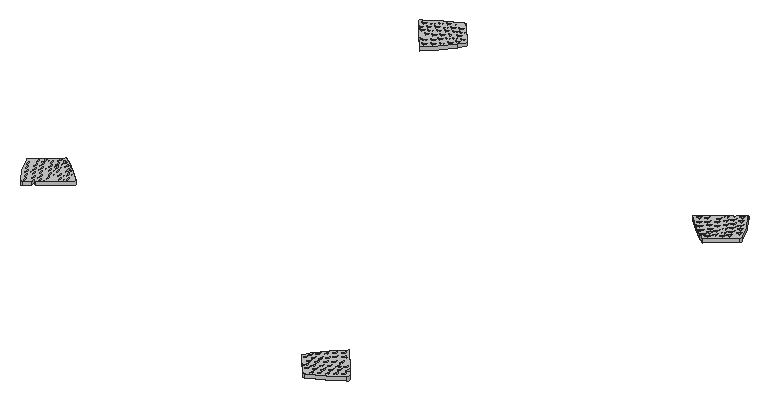
Revit family "PS-C43RT 1", category Generic Models, host Ceiling, Revit 2016
Family settings
  Host = Ceiling
  Part Type = Normal
  Can host rebar = No
  Round Connector Dimension = Use Diameter
  Work Plane-Based = No
  Always vertical = Yes
  Cut with Voids When Loaded = No
  Shared = No
  Room Calculation Point = No
Parameters (values of type "Default")
  Width = "6.3"
  Weight Product = "5.63"
  Weight Dimensional = "10.9"
  Speaker Data Link = "https://www.sonance.com/assets/media/files/downloads/PS_C43RT_040457.gll"
  Sensitivity = "87"
  SPL Max = "105"
  Regulatory Compliance = "UL 1480, UL 2043, NFPA 90A, NFPA 70"
  Product Page URL = "https://www.sonance.com/professionalseries/psc43rt"
  Product Documentation Link = "https://www.sonance.com/assets/media/files/downloads/Pro_Series_Spec_Sheet_No_Pricing_040802.pdf"
  Power Peak = "60"
  Power Handling = "60"
  Part Number = "40130"
  Model = "PS-C43RT"
  Manufacturer URL = "http://www.sonance.com"
  Manufacturer = "Sonance"
  Low-Frequency Driver = "4” (100mm) Polypropylene Cone, Butyl Rubber Surround"
  Knockout = "one, side-mounted 0.75\""
  Input Connector = "Four pin Euroblock with loop output connections"
  Impedance = "8"
  High-Frequency Driver = "1” (25mm) Cloth Dome, Pivoting, Ferrofluid cooled"
  Height = "6.3"
  Grille = "Supplied with bezel-less white grille. Optional black grille, or square adapter with black or white grille"
  Frequency Range (-3dB) = "75Hz-20kHz"
  Frequency Range (-10dB) = "57Hz-25kHz"
  Directivity Factor (Q) = "7.6"
  Directivity (DI) = "8.1"
  Description = "4\" 2-way Round In-ceiling Speaker with 70V/100V transformer for commercial applications"
  Depth = "7.01"
  Coverage Vertical = "120"
  Coverage Horizontal = "120"
  70V Taps = "3.8, 7.5, 15, 30"
  100V Taps = "7.5, 15, 30"
Reference planes (in)
  plane 1 "Center (Front/Back)": y = 0
  plane 2 "Ceiling": z = 96
  plane 3 "Center (Left/Right)": x = 0
  plane 4 "1": z = 97.06881
Forms (in)
  Extrusion 1, solid, material "192-192-192-0-0.400000005960464_(1)"
    sketch origin (0, 0, 97.06881) x (-1, 0, 0) y (0, -1, 0)
      loop
        arc (1.24663, -1.98487) -> (1.14313, -2.0893) -> (1.0516, -2.20436) r 1.35099
        arc (1.0516, -2.20436) -> (1.0327, -2.23167) -> (1.01448, -2.25944) r 1.35099
        line (1.01448, -2.25944) -> (1.19087, -2.46966)
        arc (1.19087, -2.46966) -> (1.20195, -2.48063) -> (1.21754, -2.4804) r 0.02013
        arc (1.21754, -2.4804) -> (1.35982, -2.40765) -> (1.4924, -2.31845) r 1.33687
        arc (1.4924, -2.31845) -> (1.5044, -2.30456) -> (1.49993, -2.28675) r 0.01991
        line (1.49993, -2.28675) -> (1.45986, -2.23899) -> (1.42551, -2.24731) -> (1.43624, -2.21084) -> (1.24663, -1.98487)
      loop
        line (1.24219, -2.40551) -> (1.23108, -2.44328) -> (1.26934, -2.43402) -> (1.24219, -2.40551)
      loop
        line (1.29557, -2.37342) -> (1.28446, -2.41119) -> (1.32272, -2.40193) -> (1.29557, -2.37342)
      loop
        line (1.34534, -2.33949) -> (1.33423, -2.37726) -> (1.3725, -2.368) -> (1.34534, -2.33949)
      loop
        line (1.39562, -2.30202) -> (1.38451, -2.33979) -> (1.42278, -2.33052) -> (1.39562, -2.30202)
      loop
        line (1.44901, -2.26993) -> (1.4379, -2.3077) -> (1.47616, -2.29844) -> (1.44901, -2.26993)
      loop
        line (1.17387, -2.36983) -> (1.16276, -2.4076) -> (1.20103, -2.39833) -> (1.17387, -2.36983)
      loop
        line (1.2298, -2.34512) -> (1.21869, -2.38289) -> (1.25695, -2.37363) -> (1.2298, -2.34512)
      loop
        line (1.28318, -2.31304) -> (1.27207, -2.35081) -> (1.31034, -2.34154) -> (1.28318, -2.31304)
      loop
        line (1.33296, -2.27911) -> (1.32185, -2.31688) -> (1.36011, -2.30761) -> (1.33296, -2.27911)
      loop
        line (1.38324, -2.24163) -> (1.37213, -2.2794) -> (1.41039, -2.27013) -> (1.38324, -2.24163)
      loop
        line (1.13418, -2.332) -> (1.12307, -2.36977) -> (1.16134, -2.36051) -> (1.13418, -2.332)
      loop
        line (1.18396, -2.31037) -> (1.17285, -2.34814) -> (1.21111, -2.33888) -> (1.18396, -2.31037)
      loop
        line (1.23734, -2.27828) -> (1.22623, -2.31606) -> (1.26449, -2.30679) -> (1.23734, -2.27828)
      loop
        line (1.28711, -2.24436) -> (1.276, -2.28213) -> (1.31427, -2.27286) -> (1.28711, -2.24436)
      loop
        line (1.33739, -2.20688) -> (1.32628, -2.24465) -> (1.36455, -2.23538) -> (1.33739, -2.20688)
      loop
        line (1.39078, -2.17479) -> (1.37967, -2.21256) -> (1.41793, -2.2033) -> (1.39078, -2.17479)
      loop
        line (1.11564, -2.27469) -> (1.10454, -2.31246) -> (1.1428, -2.30319) -> (1.11564, -2.27469)
      loop
        line (1.17157, -2.24691) -> (1.16046, -2.28468) -> (1.19872, -2.27541) -> (1.17157, -2.24691)
      loop
        line (1.22495, -2.21021) -> (1.21384, -2.24798) -> (1.25211, -2.23871) -> (1.22495, -2.21021)
      loop
        line (1.27473, -2.17013) -> (1.26362, -2.2079) -> (1.30188, -2.19863) -> (1.27473, -2.17013)
      loop
        line (1.32501, -2.14649) -> (1.3139, -2.18426) -> (1.35216, -2.175) -> (1.32501, -2.14649)
      loop
        line (1.06011, -2.2487) -> (1.049, -2.28647) -> (1.08727, -2.27721) -> (1.06011, -2.2487)
      loop
        line (1.11604, -2.224) -> (1.10493, -2.26177) -> (1.14319, -2.2525) -> (1.11604, -2.224)
      loop
        line (1.15865, -2.19191) -> (1.14754, -2.22968) -> (1.18581, -2.22042) -> (1.15865, -2.19191)
      loop
        line (1.19766, -2.15183) -> (1.18655, -2.1896) -> (1.22482, -2.18034) -> (1.19766, -2.15183)
      loop
        line (1.23564, -2.1082) -> (1.22453, -2.14597) -> (1.2628, -2.13671) -> (1.23564, -2.1082)
      loop
        line (1.28441, -2.06842) -> (1.2733, -2.10619) -> (1.31156, -2.09693) -> (1.28441, -2.06842)
      loop
        line (1.07079, -2.20062) -> (1.05968, -2.23839) -> (1.09795, -2.22912) -> (1.07079, -2.20062)
      loop
        line (1.10211, -2.14823) -> (1.091, -2.186) -> (1.12927, -2.17674) -> (1.10211, -2.14823)
      loop
        line (1.14627, -2.10384) -> (1.13516, -2.14161) -> (1.17342, -2.13235) -> (1.14627, -2.10384)
      loop
        line (1.19143, -2.05914) -> (1.18032, -2.09691) -> (1.21858, -2.08765) -> (1.19143, -2.05914)
      loop
        line (1.24632, -2.01705) -> (1.23521, -2.05482) -> (1.27348, -2.04556) -> (1.24632, -2.01705)
    from 0 to 0.0315
  Extrusion 2, solid, material "192-192-192-0-0.400000005960464_(1)"
    sketch origin (0, 0, 97.06881) x (1, 0, 0) y (0, 1, 0)
      loop
        arc (1.24663, -1.98487) -> (1.14313, -2.0893) -> (1.0516, -2.20436) r 1.35099
        arc (1.0516, -2.20436) -> (1.0327, -2.23167) -> (1.01448, -2.25944) r 1.35099
        line (1.01448, -2.25944) -> (1.19087, -2.46966)
        arc (1.19087, -2.46966) -> (1.20195, -2.48063) -> (1.21754, -2.4804) r 0.02013
        arc (1.21754, -2.4804) -> (1.35982, -2.40765) -> (1.4924, -2.31845) r 1.33687
        arc (1.4924, -2.31845) -> (1.5044, -2.30456) -> (1.49993, -2.28675) r 0.01991
        line (1.49993, -2.28675) -> (1.45986, -2.23899) -> (1.42551, -2.24731) -> (1.43624, -2.21084) -> (1.24663, -1.98487)
      loop
        line (1.24219, -2.40551) -> (1.23108, -2.44328) -> (1.26934, -2.43402) -> (1.24219, -2.40551)
      loop
        line (1.29557, -2.37342) -> (1.28446, -2.41119) -> (1.32272, -2.40193) -> (1.29557, -2.37342)
      loop
        line (1.34534, -2.33949) -> (1.33423, -2.37726) -> (1.3725, -2.368) -> (1.34534, -2.33949)
      loop
        line (1.39562, -2.30202) -> (1.38451, -2.33979) -> (1.42278, -2.33052) -> (1.39562, -2.30202)
      loop
        line (1.44901, -2.26993) -> (1.4379, -2.3077) -> (1.47616, -2.29844) -> (1.44901, -2.26993)
      loop
        line (1.17387, -2.36983) -> (1.16276, -2.4076) -> (1.20103, -2.39833) -> (1.17387, -2.36983)
      loop
        line (1.2298, -2.34512) -> (1.21869, -2.38289) -> (1.25695, -2.37363) -> (1.2298, -2.34512)
      loop
        line (1.28318, -2.31304) -> (1.27207, -2.35081) -> (1.31034, -2.34154) -> (1.28318, -2.31304)
      loop
        line (1.33296, -2.27911) -> (1.32185, -2.31688) -> (1.36011, -2.30761) -> (1.33296, -2.27911)
      loop
        line (1.38324, -2.24163) -> (1.37213, -2.2794) -> (1.41039, -2.27013) -> (1.38324, -2.24163)
      loop
        line (1.13418, -2.332) -> (1.12307, -2.36977) -> (1.16134, -2.36051) -> (1.13418, -2.332)
      loop
        line (1.18396, -2.31037) -> (1.17285, -2.34814) -> (1.21111, -2.33888) -> (1.18396, -2.31037)
      loop
        line (1.23734, -2.27828) -> (1.22623, -2.31606) -> (1.26449, -2.30679) -> (1.23734, -2.27828)
      loop
        line (1.28711, -2.24436) -> (1.276, -2.28213) -> (1.31427, -2.27286) -> (1.28711, -2.24436)
      loop
        line (1.33739, -2.20688) -> (1.32628, -2.24465) -> (1.36455, -2.23538) -> (1.33739, -2.20688)
      loop
        line (1.39078, -2.17479) -> (1.37967, -2.21256) -> (1.41793, -2.2033) -> (1.39078, -2.17479)
      loop
        line (1.11564, -2.27469) -> (1.10454, -2.31246) -> (1.1428, -2.30319) -> (1.11564, -2.27469)
      loop
        line (1.17157, -2.24691) -> (1.16046, -2.28468) -> (1.19872, -2.27541) -> (1.17157, -2.24691)
      loop
        line (1.22495, -2.21021) -> (1.21384, -2.24798) -> (1.25211, -2.23871) -> (1.22495, -2.21021)
      loop
        line (1.27473, -2.17013) -> (1.26362, -2.2079) -> (1.30188, -2.19863) -> (1.27473, -2.17013)
      loop
        line (1.32501, -2.14649) -> (1.3139, -2.18426) -> (1.35216, -2.175) -> (1.32501, -2.14649)
      loop
        line (1.06011, -2.2487) -> (1.049, -2.28647) -> (1.08727, -2.27721) -> (1.06011, -2.2487)
      loop
        line (1.11604, -2.224) -> (1.10493, -2.26177) -> (1.14319, -2.2525) -> (1.11604, -2.224)
      loop
        line (1.15865, -2.19191) -> (1.14754, -2.22968) -> (1.18581, -2.22042) -> (1.15865, -2.19191)
      loop
        line (1.19766, -2.15183) -> (1.18655, -2.1896) -> (1.22482, -2.18034) -> (1.19766, -2.15183)
      loop
        line (1.23564, -2.1082) -> (1.22453, -2.14597) -> (1.2628, -2.13671) -> (1.23564, -2.1082)
      loop
        line (1.28441, -2.06842) -> (1.2733, -2.10619) -> (1.31156, -2.09693) -> (1.28441, -2.06842)
      loop
        line (1.07079, -2.20062) -> (1.05968, -2.23839) -> (1.09795, -2.22912) -> (1.07079, -2.20062)
      loop
        line (1.10211, -2.14823) -> (1.091, -2.186) -> (1.12927, -2.17674) -> (1.10211, -2.14823)
      loop
        line (1.14627, -2.10384) -> (1.13516, -2.14161) -> (1.17342, -2.13235) -> (1.14627, -2.10384)
      loop
        line (1.19143, -2.05914) -> (1.18032, -2.09691) -> (1.21858, -2.08765) -> (1.19143, -2.05914)
      loop
        line (1.24632, -2.01705) -> (1.23521, -2.05482) -> (1.27348, -2.04556) -> (1.24632, -2.01705)
    from 0 to 0.0315
  Extrusion 3, solid, material "192-192-192-0-0.400000005960464_(1)"
    sketch origin (0, 0, 97.06881) x (-0.000664, -1, 0) y (1, -0.000664, 0)
      loop
        arc (1.24663, -1.98487) -> (1.14313, -2.0893) -> (1.0516, -2.20436) r 1.35099
        arc (1.0516, -2.20436) -> (1.0327, -2.23167) -> (1.01448, -2.25944) r 1.35099
        line (1.01448, -2.25944) -> (1.19087, -2.46966)
        arc (1.19087, -2.46966) -> (1.20195, -2.48063) -> (1.21754, -2.4804) r 0.02013
        arc (1.21754, -2.4804) -> (1.35982, -2.40765) -> (1.4924, -2.31845) r 1.33687
        arc (1.4924, -2.31845) -> (1.5044, -2.30456) -> (1.49993, -2.28675) r 0.01991
        line (1.49993, -2.28675) -> (1.45986, -2.23899) -> (1.42551, -2.24731) -> (1.43624, -2.21084) -> (1.24663, -1.98487)
      loop
        line (1.24219, -2.40551) -> (1.23108, -2.44328) -> (1.26934, -2.43402) -> (1.24219, -2.40551)
      loop
        line (1.29557, -2.37342) -> (1.28446, -2.41119) -> (1.32272, -2.40193) -> (1.29557, -2.37342)
      loop
        line (1.34534, -2.33949) -> (1.33423, -2.37726) -> (1.3725, -2.368) -> (1.34534, -2.33949)
      loop
        line (1.39562, -2.30202) -> (1.38451, -2.33979) -> (1.42278, -2.33052) -> (1.39562, -2.30202)
      loop
        line (1.44901, -2.26993) -> (1.4379, -2.3077) -> (1.47616, -2.29844) -> (1.44901, -2.26993)
      loop
        line (1.17387, -2.36983) -> (1.16276, -2.4076) -> (1.20103, -2.39833) -> (1.17387, -2.36983)
      loop
        line (1.2298, -2.34512) -> (1.21869, -2.38289) -> (1.25695, -2.37363) -> (1.2298, -2.34512)
      loop
        line (1.28318, -2.31304) -> (1.27207, -2.35081) -> (1.31034, -2.34154) -> (1.28318, -2.31304)
      loop
        line (1.33296, -2.27911) -> (1.32185, -2.31688) -> (1.36011, -2.30761) -> (1.33296, -2.27911)
      loop
        line (1.38324, -2.24163) -> (1.37213, -2.2794) -> (1.41039, -2.27013) -> (1.38324, -2.24163)
      loop
        line (1.13418, -2.332) -> (1.12307, -2.36977) -> (1.16134, -2.36051) -> (1.13418, -2.332)
      loop
        line (1.18396, -2.31037) -> (1.17285, -2.34814) -> (1.21111, -2.33888) -> (1.18396, -2.31037)
      loop
        line (1.23734, -2.27828) -> (1.22623, -2.31606) -> (1.26449, -2.30679) -> (1.23734, -2.27828)
      loop
        line (1.28711, -2.24436) -> (1.276, -2.28213) -> (1.31427, -2.27286) -> (1.28711, -2.24436)
      loop
        line (1.33739, -2.20688) -> (1.32628, -2.24465) -> (1.36455, -2.23538) -> (1.33739, -2.20688)
      loop
        line (1.39078, -2.17479) -> (1.37967, -2.21256) -> (1.41793, -2.2033) -> (1.39078, -2.17479)
      loop
        line (1.11564, -2.27469) -> (1.10454, -2.31246) -> (1.1428, -2.30319) -> (1.11564, -2.27469)
      loop
        line (1.17157, -2.24691) -> (1.16046, -2.28468) -> (1.19872, -2.27541) -> (1.17157, -2.24691)
      loop
        line (1.22495, -2.21021) -> (1.21384, -2.24798) -> (1.25211, -2.23871) -> (1.22495, -2.21021)
      loop
        line (1.27473, -2.17013) -> (1.26362, -2.2079) -> (1.30188, -2.19863) -> (1.27473, -2.17013)
      loop
        line (1.32501, -2.14649) -> (1.3139, -2.18426) -> (1.35216, -2.175) -> (1.32501, -2.14649)
      loop
        line (1.06011, -2.2487) -> (1.049, -2.28647) -> (1.08727, -2.27721) -> (1.06011, -2.2487)
      loop
        line (1.11604, -2.224) -> (1.10493, -2.26177) -> (1.14319, -2.2525) -> (1.11604, -2.224)
      loop
        line (1.15865, -2.19191) -> (1.14754, -2.22968) -> (1.18581, -2.22042) -> (1.15865, -2.19191)
      loop
        line (1.19766, -2.15183) -> (1.18655, -2.1896) -> (1.22482, -2.18034) -> (1.19766, -2.15183)
      loop
        line (1.23564, -2.1082) -> (1.22453, -2.14597) -> (1.2628, -2.13671) -> (1.23564, -2.1082)
      loop
        line (1.28441, -2.06842) -> (1.2733, -2.10619) -> (1.31156, -2.09693) -> (1.28441, -2.06842)
      loop
        line (1.07079, -2.20062) -> (1.05968, -2.23839) -> (1.09795, -2.22912) -> (1.07079, -2.20062)
      loop
        line (1.10211, -2.14823) -> (1.091, -2.186) -> (1.12927, -2.17674) -> (1.10211, -2.14823)
      loop
        line (1.14627, -2.10384) -> (1.13516, -2.14161) -> (1.17342, -2.13235) -> (1.14627, -2.10384)
      loop
        line (1.19143, -2.05914) -> (1.18032, -2.09691) -> (1.21858, -2.08765) -> (1.19143, -2.05914)
      loop
        line (1.24632, -2.01705) -> (1.23521, -2.05482) -> (1.27348, -2.04556) -> (1.24632, -2.01705)
    from 0 to 0.0315
  Extrusion 4, solid, material "192-192-192-0-0.400000005960464_(1)"
    sketch origin (0, 0, 97.06881) x (0.000664, 1, 0) y (-1, 0.000664, 0)
      loop
        arc (1.24663, -1.98487) -> (1.14313, -2.0893) -> (1.0516, -2.20436) r 1.35099
        arc (1.0516, -2.20436) -> (1.0327, -2.23167) -> (1.01448, -2.25944) r 1.35099
        line (1.01448, -2.25944) -> (1.19087, -2.46966)
        arc (1.19087, -2.46966) -> (1.20195, -2.48063) -> (1.21754, -2.4804) r 0.02013
        arc (1.21754, -2.4804) -> (1.35982, -2.40765) -> (1.4924, -2.31845) r 1.33687
        arc (1.4924, -2.31845) -> (1.5044, -2.30456) -> (1.49993, -2.28675) r 0.01991
        line (1.49993, -2.28675) -> (1.45986, -2.23899) -> (1.42551, -2.24731) -> (1.43624, -2.21084) -> (1.24663, -1.98487)
      loop
        line (1.24219, -2.40551) -> (1.23108, -2.44328) -> (1.26934, -2.43402) -> (1.24219, -2.40551)
      loop
        line (1.29557, -2.37342) -> (1.28446, -2.41119) -> (1.32272, -2.40193) -> (1.29557, -2.37342)
      loop
        line (1.34534, -2.33949) -> (1.33423, -2.37726) -> (1.3725, -2.368) -> (1.34534, -2.33949)
      loop
        line (1.39562, -2.30202) -> (1.38451, -2.33979) -> (1.42278, -2.33052) -> (1.39562, -2.30202)
      loop
        line (1.44901, -2.26993) -> (1.4379, -2.3077) -> (1.47616, -2.29844) -> (1.44901, -2.26993)
      loop
        line (1.17387, -2.36983) -> (1.16276, -2.4076) -> (1.20103, -2.39833) -> (1.17387, -2.36983)
      loop
        line (1.2298, -2.34512) -> (1.21869, -2.38289) -> (1.25695, -2.37363) -> (1.2298, -2.34512)
      loop
        line (1.28318, -2.31304) -> (1.27207, -2.35081) -> (1.31034, -2.34154) -> (1.28318, -2.31304)
      loop
        line (1.33296, -2.27911) -> (1.32185, -2.31688) -> (1.36011, -2.30761) -> (1.33296, -2.27911)
      loop
        line (1.38324, -2.24163) -> (1.37213, -2.2794) -> (1.41039, -2.27013) -> (1.38324, -2.24163)
      loop
        line (1.13418, -2.332) -> (1.12307, -2.36977) -> (1.16134, -2.36051) -> (1.13418, -2.332)
      loop
        line (1.18396, -2.31037) -> (1.17285, -2.34814) -> (1.21111, -2.33888) -> (1.18396, -2.31037)
      loop
        line (1.23734, -2.27828) -> (1.22623, -2.31606) -> (1.26449, -2.30679) -> (1.23734, -2.27828)
      loop
        line (1.28711, -2.24436) -> (1.276, -2.28213) -> (1.31427, -2.27286) -> (1.28711, -2.24436)
      loop
        line (1.33739, -2.20688) -> (1.32628, -2.24465) -> (1.36455, -2.23538) -> (1.33739, -2.20688)
      loop
        line (1.39078, -2.17479) -> (1.37967, -2.21256) -> (1.41793, -2.2033) -> (1.39078, -2.17479)
      loop
        line (1.11564, -2.27469) -> (1.10454, -2.31246) -> (1.1428, -2.30319) -> (1.11564, -2.27469)
      loop
        line (1.17157, -2.24691) -> (1.16046, -2.28468) -> (1.19872, -2.27541) -> (1.17157, -2.24691)
      loop
        line (1.22495, -2.21021) -> (1.21384, -2.24798) -> (1.25211, -2.23871) -> (1.22495, -2.21021)
      loop
        line (1.27473, -2.17013) -> (1.26362, -2.2079) -> (1.30188, -2.19863) -> (1.27473, -2.17013)
      loop
        line (1.32501, -2.14649) -> (1.3139, -2.18426) -> (1.35216, -2.175) -> (1.32501, -2.14649)
      loop
        line (1.06011, -2.2487) -> (1.049, -2.28647) -> (1.08727, -2.27721) -> (1.06011, -2.2487)
      loop
        line (1.11604, -2.224) -> (1.10493, -2.26177) -> (1.14319, -2.2525) -> (1.11604, -2.224)
      loop
        line (1.15865, -2.19191) -> (1.14754, -2.22968) -> (1.18581, -2.22042) -> (1.15865, -2.19191)
      loop
        line (1.19766, -2.15183) -> (1.18655, -2.1896) -> (1.22482, -2.18034) -> (1.19766, -2.15183)
      loop
        line (1.23564, -2.1082) -> (1.22453, -2.14597) -> (1.2628, -2.13671) -> (1.23564, -2.1082)
      loop
        line (1.28441, -2.06842) -> (1.2733, -2.10619) -> (1.31156, -2.09693) -> (1.28441, -2.06842)
      loop
        line (1.07079, -2.20062) -> (1.05968, -2.23839) -> (1.09795, -2.22912) -> (1.07079, -2.20062)
      loop
        line (1.10211, -2.14823) -> (1.091, -2.186) -> (1.12927, -2.17674) -> (1.10211, -2.14823)
      loop
        line (1.14627, -2.10384) -> (1.13516, -2.14161) -> (1.17342, -2.13235) -> (1.14627, -2.10384)
      loop
        line (1.19143, -2.05914) -> (1.18032, -2.09691) -> (1.21858, -2.08765) -> (1.19143, -2.05914)
      loop
        line (1.24632, -2.01705) -> (1.23521, -2.05482) -> (1.27348, -2.04556) -> (1.24632, -2.01705)
    from 0 to 0.0315
Dimensions and locks (in)
  equal spacing: host sketch curve, plane 3 "Center (Left/Right)", host sketch curve
  equal spacing: host sketch curve, plane 1 "Center (Front/Back)", host sketch curve
  host sketch curve to host sketch curve = 120.000"  (x2)
